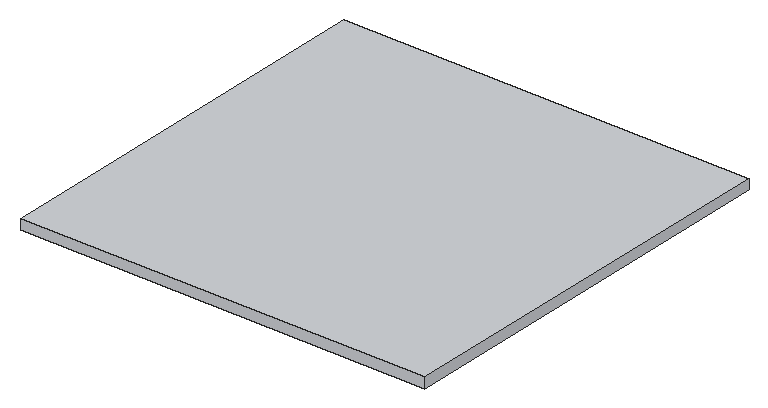
Revit family "8647300", category Aparatos sanitarios, Revit 2017
Family settings
  Anfitrión = Cara
  Cota de conector redondo = Diámetro de uso
  Tipo de pieza = Normal
  Número OmniClass = 23.45.55.14
  Título OmniClass = Single Faucets
  Corte con vacíos al cargar = No
  Compartido = No
  Punto de cálculo de habitación = No
Parameters (values of type "8647300")
  URL = "http://www.griferiasgalindo.com/ducha/theo/grifo-ducha-empotrable-theo?c=es"
  Teléfono = "(+34) 915 782 575"
  TIPO DE AGUA = "Fria/Caliente"
  REFERENCIA = "8647300"
  Presión Máxima = "8 bar"
  PESO BRUTO = "1 Kg."
  Modelo = "MECANISMO DUCHA EMPOTRABLE"
  Material = LATON CROMADO
  Imagen de tipo = <Ninguno>
  Fabricante = "PRESTO IBÉRICA"
  Default Elevation = 1219.2 mm
  ENTRADA = "Hembra 1/2\""
  Descripción = "Mecanismo ducha empotrable"
  Código de montaje = "C1030220"
  Contacto = "info@prestoiberica.com"
  Conexión AF = yes
  Conexión AC = yes
  Comentarios de tipo = "Cartucho sellado con discos cerámicos de Ø 35 mm."
  CIERRE = "Manual"
  CAUDAL = ""
  Accionamiento = "Mediante maneta"
Reference planes
  plane 1 "Centro (Frontal/Posterior)": y = 0
  plane 2: z = 0
  plane 3 "Centro (Izquierda/Derecha)": x = 0
Forms (mm)
  Extrusion 1, solid
    sketch origin (0, 0, 0) x (1, 0, 0) y (0, 1, 0)
      loop
        line (-100, 100) -> (-100, -100) -> (100, -100) -> (100, 100) -> (-100, 100)
    from 0 to -5
Dimensions and locks
  Extrusion 1 sketch curve to plane 1 "Centro (Frontal/Posterior)" = 100 mm
  aligned and locked: plane 2 to Extrusion 1
  aligned and locked: level to Extrusion 1
Connectors
  piping at (-26.2, 0, -46.5), diameter 12.7
    settings: on import instance, index 1, connector inside diameter 609.6 mm, connector length 0 mm, flow factor 0, pipe flow 0.0 L/s, pressure drop 0.0 Pa, fitting loss kfactor 0, connector angle 0.00°, fixture units 0, engagement length 0 mm, angle of deflection 0.00°, flow configuration 0, flow direction 1, fitting loss method 0, system type 19, joint type 0, gender type 0, connector reference index -1, connector utility 0, adjustable connector no, is connector primary yes, connector description ""
  piping at (26.2, 0, -46.5), diameter 12.7
    settings: on import instance, index 2, connector inside diameter 609.6 mm, connector length 0 mm, flow factor 0, pipe flow 0.0 L/s, pressure drop 0.0 Pa, fitting loss kfactor 0, connector angle 0.00°, fixture units 0, engagement length 0 mm, angle of deflection 0.00°, flow configuration 0, flow direction 1, fitting loss method 0, system type 20, joint type 0, gender type 0, connector reference index -1, connector utility 0, adjustable connector no, is connector primary no, connector description ""
